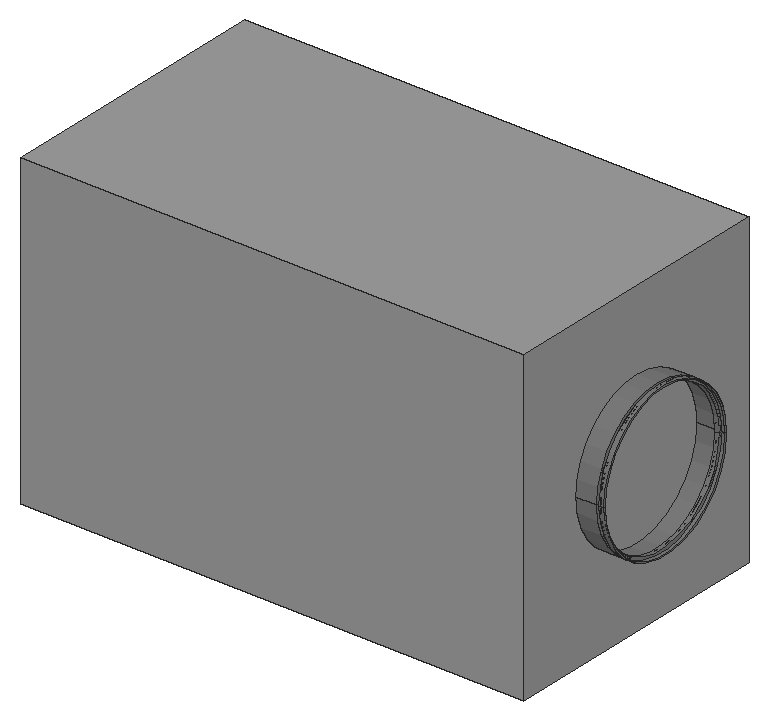
Revit family "BIMLIB_ПриточнаяУстановка_ECO-A_SHUFT", category Оборудование, Revit 2017
Family settings
  Размер круглого соединителя = Использовать диаметр
  Тип детали = Нормальный
  На основе рабочей плоскости = Нет
  Всегда вертикально = Да
  При загрузке вырезать с полостями = Нет
  Общий = Нет
  Точка расчета площади = Нет
Parameters (values of type "ЕСО 315/1-9,0/3-A")
  Повернуть УГО [instance] = yes
  Описание = "Компактные приточные установки ECO-A состоят из фильтрующей, вентиляторной и нагревательных секций.\r\n\r\nКорпус выполнен из оцинкованной стали с звуко- и теплоизоляцией из базальтовой минеральной ваты толщиной 25-мм"  # constant formula
  Общая длина = ADSK_Размер_Длина + 2 * (Длина коннекторов)  # 1160 mm
  Изготовитель = "ООО «Завод ВКО» марка SHUFT"  # constant formula
  Длина коннекторов = 60 mm
  Watermark [instance] = "Модели защищены уникальным кодом"
  SH_Мощность вентилятора = 260 W
  H = ADSK_Размер_Высота / 2  # 320 mm
  URL = "http://www.shuft.ru/"
  D = 315 mm
  BL_Разработано = "support@bimlib.pro"  # constant formula
  BL_Email = "bimmodels@rusklimat.ru"  # constant formula
  BL_BIM library = "https://bimlib.pro/manufacturer/company/23829"
  ADSK_Расход воздуха приточный [instance] = 0.0 L/s
  ADSK_Размер_Ширина = 580 mm
  ADSK_Размер_Длина = 1040 mm
  ADSK_Размер_Высота = 640 mm
  ADSK_Примечание [instance] = ""
  ADSK_Полная мощность = ADSK_Номинальная мощность / ADSK_Коэффициент мощности  # 9000 VA
  ADSK_Позиция = ""
  ADSK_Обозначение = ""
  ADSK_Номинальная мощность = 9000 W
  ADSK_Напряжение = 400 V
  ADSK_Наименование = "Приточная вентиляционная установка ЕСО 315/1-9,0/3-A"
  ADSK_Материал = BIMLIB_Сталь_SHUFT
  ADSK_Масса_Текст = "60"
  ADSK_Масса = 60
  ADSK_Марка = ADSK_Код изделия  # "ЕСО 315/1-9,0/3-A"
  ADSK_Коэффициент мощности = 1
  ADSK_Количество фаз = 3
  ADSK_Код изделия = "ЕСО 315/1-9,0/3-A"
  ADSK_Классификация нагрузок = Прочее
  ADSK_Завод-изготовитель = Изготовитель  # "ООО «Завод ВКО» марка SHUFT"
  ADSK_Единица измерения = "шт."  # constant formula
  ADSK_Версия семейства = "v.1"  # constant formula
  ADSK_Версия Revit = "2017"  # constant formula
  ADSK_URL страницы изделия = "http://www.shuft.ru/catalog/2/205/3033/100692/"
  ADSK_URL документации изделия = "http://www.shuft.ru/upload/downloads/pasport-ECO-A.pdf"
Types (15, lengths in mm): name | Общая длина | SH_Мощность вентилятора | H | D | ADSK_Размер_Ширина | ADSK_Размер_Длина | ADSK_Размер_Высота | ADSK_Полная мощность | ADSK_Номинальная мощность | ADSK_Напряжение | ADSK_Наименование | ADSK_Масса_Текст | ADSK_Масса | ADSK_Марка | ADSK_Количество фаз | ADSK_Код изделия
  (no name) | 1160 | 260 W | 320 | 315 | 580 | 1040 | 640 | 9000 VA | 9000 W | 400 V | "Приточная вентиляционная установка ЕСО 315/1-9,0/3-A" | "60" | 60 | "ЕСО 315/1-9,0/3-A" | 3 | "ЕСО 315/1-9,0/3-A"
  ЕСО 160/1-1,2/1-A | 1080 | 150 W | 245 | 160 | 460 | 960 | 490 | 1200 VA | 1200 W | 230 V | "Приточная вентиляционная установка ЕСО 160/1-1,2/1-A" | "33" | 33 | "ЕСО 160/1-1,2/1-A" | 1 | "ЕСО 160/1-1,2/1-A"
  ЕСО 160/1-2,4/1-A | 1080 | 150 W | 245 | 160 | 460 | 960 | 490 | 2400 VA | 2400 W | 230 V | "Приточная вентиляционная установка ЕСО 160/1-2,4/1-A" | "33" | 33 | "ЕСО 160/1-2,4/1-A" | 1 | "ЕСО 160/1-2,4/1-A"
  ЕСО 160/1-3,0/1-A | 1080 | 150 W | 245 | 160 | 460 | 960 | 490 | 3000 VA | 3000 W | 230 V | "Приточная вентиляционная установка ЕСО 160/1-3,0/1-A" | "33" | 33 | "ЕСО 160/1-3,0/1-A" | 1 | "ЕСО 160/1-3,0/1-A"
  ЕСО 160/1-5,0/2-A | 1080 | 150 W | 245 | 160 | 460 | 960 | 490 | 5000 VA | 5000 W | 400 V | "Приточная вентиляционная установка ЕСО 160/1-5,0/2-A" | "33" | 33 | "ЕСО 160/1-5,0/2-A" | 2 | "ЕСО 160/1-5,0/2-A"
  ЕСО 200/1-3,0/1-A | 1100 | 160 W | 275 | 200 | 490 | 980 | 550 | 3000 VA | 3000 W | 230 V | "Приточная вентиляционная установка ЕСО 200/1-3,0/1-A" | "39" | 39 | "ЕСО 200/1-3,0/1-A" | 1 | "ЕСО 200/1-3,0/1-A"
  ЕСО 200/1-5,0/2-A | 1100 | 160 W | 275 | 200 | 490 | 980 | 550 | 5000 VA | 5000 W | 400 V | "Приточная вентиляционная установка ЕСО 200/1-5,0/2-A" | "39" | 39 | "ЕСО 200/1-5,0/2-A" | 2 | "ЕСО 200/1-5,0/2-A"
  ЕСО 200/1-6,0/3-A | 1100 | 160 W | 275 | 200 | 490 | 980 | 550 | 6000 VA | 6000 W | 400 V | "Приточная вентиляционная установка ЕСО 200/1-6,0/3-A" | "39" | 39 | "ЕСО 200/1-6,0/3-A" | 3 | "ЕСО 200/1-6,0/3-A"
  ЕСО 250/1-3,0/1-A | 1120 | 170 W | 295 | 250 | 540 | 1000 | 590 | 3000 VA | 3000 W | 230 V | "Приточная вентиляционная установка ЕСО 250/1-3,0/1-A" | "53" | 53 | "ЕСО 250/1-3,0/1-A" | 1 | "ЕСО 250/1-3,0/1-A"
  ЕСО 250/1-6,0/2-A | 1120 | 170 W | 295 | 250 | 540 | 1000 | 590 | 6000 VA | 6000 W | 400 V | "Приточная вентиляционная установка ЕСО 250/1-6,0/2-A" | "53" | 53 | "ЕСО 250/1-6,0/2-A" | 2 | "ЕСО 250/1-6,0/2-A"
  ЕСО 250/1-9,0/3-A | 1120 | 170 W | 295 | 250 | 540 | 1000 | 590 | 9000 VA | 9000 W | 400 V | "Приточная вентиляционная установка ЕСО 250/1-9,0/3-A" | "55" | 55 | "ЕСО 250/1-9,0/3-A" | 3 | "ЕСО 250/1-9,0/3-A"
  ЕСО 315/1-3,0/1-A | 1160 | 260 W | 320 | 315 | 580 | 1040 | 640 | 3000 VA | 3000 W | 230 V | "Приточная вентиляционная установка ЕСО 315/1-3,0/1-A" | "58" | 58 | "ЕСО 315/1-3,0/1-A" | 1 | "ЕСО 315/1-3,0/1-A"
  ЕСО 315/1-6,0/2-A | 1160 | 260 W | 320 | 315 | 580 | 1040 | 640 | 6000 VA | 6000 W | 400 V | "Приточная вентиляционная установка ЕСО 315/1-6,0/2-A" | "58" | 58 | "ЕСО 315/1-6,0/2-A" | 2 | "ЕСО 315/1-6,0/2-A"
  ЕСО 315/1-9,0/3-A | 1160 | 260 W | 320 | 315 | 580 | 1040 | 640 | 9000 VA | 9000 W | 400 V | "Приточная вентиляционная установка ЕСО 315/1-9,0/3-A" | "60" | 60 | "ЕСО 315/1-9,0/3-A" | 3 | "ЕСО 315/1-9,0/3-A"
  ЕСО 315/1-12,0/3-A | 1160 | 260 W | 320 | 315 | 580 | 1040 | 640 | 12000 VA | 12000 W | 400 V | "Приточная вентиляционная установка ЕСО 315/1-12,0/3-A" | "60" | 60 | "ЕСО 315/1-12,0/3-A" | 3 | "ЕСО 315/1-12,0/3-A"
Reference planes
  plane 1 "По центру (Вперед/Назад)": y = 0
  plane 2: z = 0
  plane 3 "По центру (Влево/Вправо)": x = 0
  plane 4: x = 585
  plane 5: x = -585
  plane 6 "Перед": y = -290
  plane 7 "Зад": y = 290
  plane 8: z = 640
  plane 9 "Лево корпус": x = -520
  plane 10 "Право корпус": x = 520
  plane 11 "коннекторы": z = 320
  plane 12: z = 615
Forms (mm)
  Extrusion 1, solid, material "BIMLIB_Сталь_SHUFT" <- "ADSK_Материал", detail levels medium+fine
    sketch origin (0, 0, 0) x (1, 0, 0) y (0, 1, 0)
      loop
        line (-520, 290) -> (-520, -290) -> (520, -290) -> (520, 290) -> (-520, 290)
    from 0 to 640 <- "ADSK_Размер_Высота"
Lines and regions (mm)
  model lines, detail levels fine
    curve 1: line (-520, 290, 615) -> (520, 290, 615)
    curve 2: line (-520, -290, 615) -> (520, -290, 615)
    curve 3: line (-520, -290, 615) -> (-520, 290, 615)
    curve 4: line (520, -290, 615) -> (520, 290, 615)
Dimensions and locks
  equal spacing: plane 6 "Перед", plane 1 "По центру (Вперед/Назад)", plane 7 "Зад"
  equal spacing: plane 5, plane 3 "По центру (Влево/Вправо)", plane 4
  "ADSK_Размер_Высота": plane 8 to level
  "ADSK_Размер_Ширина": plane 6 "Перед" to plane 7 "Зад"
  locked: plane 5 to plane 9 "Лево корпус" at 65
  locked: plane 10 "Право корпус" to plane 4 at 65
  "H": plane 11 "коннекторы" to level
  locked: plane 8 to plane 12 at 25
  "ADSK_Размер_Длина": plane 9 "Лево корпус" to plane 10 "Право корпус"
  aligned and locked: level to plane 2
  aligned and locked: Extrusion 1 sketch curve to plane 9 "Лево корпус"
  aligned and locked: Extrusion 1 sketch curve to plane 7 "Зад"
  aligned and locked: plane 10 "Право корпус" to Extrusion 1 sketch curve
  aligned and locked: Extrusion 1 sketch curve to plane 6 "Перед"
  aligned and locked: plane 1 "По центру (Вперед/Назад)" to nested 1
  aligned and locked: plane 3 "По центру (Влево/Вправо)" to nested 1
  aligned and locked: nested 3 to plane 1 "По центру (Вперед/Назад)"
  aligned and locked: plane 1 "По центру (Вперед/Назад)" to nested 2
  aligned and locked: plane 9 "Лево корпус" to nested 3
  aligned and locked: plane 10 "Право корпус" to nested 2
Automatic sketch dimensions
  curve 1 to plane 9 "Лево корпус" = 0 mm
  plane 10 "Право корпус" to curve 1 = 0 mm
  curve 1 to plane 12 = 0 mm
  plane 10 "Право корпус" to curve 2 = 0 mm
  curve 2 to plane 9 "Лево корпус" = 0 mm
  curve 2 to plane 12 = 0 mm
  curve 3 to plane 6 "Перед" = 0 mm
  curve 3 to plane 7 "Зад" = 0 mm
  curve 3 to plane 12 = 0 mm
  curve 4 to plane 6 "Перед" = 0 mm
  curve 4 to plane 7 "Зад" = 0 mm
  curve 4 to plane 12 = 0 mm
Nested families
  nested 1: "BIMLIB_УГО_SHUFT" at (0, 0, 0), Высота УГО 3д План <- "H", Высота <- "ADSK_Размер_Высота", Длина <- "Общая длина", Ширина <- "ADSK_Размер_Ширина", УГО сверху <- "Повернуть УГО", type "BIMLIB_УГО_SHUFT", detail levels coarse
    with Ширина/4 145 mm, Ширина 580 mm, УГО спереди no, УГО сверху yes, Длина 1160 mm, Высота/4 160 mm, Высота УГО 3д План 320 mm, Высота 640 mm
  nested 2: "BIMLIB_Подключение_Круглое_SHUFT" at (520, 0, 320), D <- "D", L <- "Длина коннекторов", type "BIMLIB_Подключение_Круглое_SHUFT"
    with Материал BIMLIB_Сталь_Патрубки_SHUFT, L 60 mm, D 315 mm
  nested 3: "BIMLIB_Подключение_Круглое_SHUFT" at (-520, 0, 320) x (-1, 0, 0) z (0, 0, 1), D <- "D", L <- "Длина коннекторов", type "BIMLIB_Подключение_Круглое_SHUFT"
    with Материал BIMLIB_Сталь_Патрубки_SHUFT, L 60 mm, D 315 mm
Connectors
  electrical at (0, 0, 640), driven by "ADSK_Количество фаз", driven by "ADSK_Классификация нагрузок", driven by "ADSK_Напряжение", driven by "ADSK_Полная мощность", driven by "ADSK_Коэффициент мощности"
    settings: on Extrusion 1, index 3, voltage 400 V, apparent load 9000 VA, apparent load phase1 0 VA, apparent load phase2 0 VA, apparent load phase3 0 VA, power factor 1, load classification "Прочее", number of poles 3, system type 30, power factor state 1, is connector primary yes, connector utility no, sub classification motor no, connector description "Электрический соединитель"
  hvac at (-580, 0, 320), driven by "D", driven by "ADSK_Расход воздуха приточный"
    settings: on nested 3, index 7, duct flow 0.0 L/s, flow factor 0, pres drop 0.0 Pa, loss coef 0, conn angle 0.00°, conn width 304.8 mm, conn height 304.8 mm, conn diameter 315 mm, duct sys type 1, conn prof type 0, flow config 0, flow direction 1, loss method 0, conn ref index 8, conn util no, is conn primary yes, conn desc "Наружный воздух"
  hvac at (580, 0, 320), driven by "D", driven by "ADSK_Расход воздуха приточный"
    settings: on nested 2, index 8, duct flow 0.0 L/s, flow factor 0, pres drop 0.0 Pa, loss coef 0, conn angle 0.00°, conn width 304.8 mm, conn height 304.8 mm, conn diameter 315 mm, duct sys type 1, conn prof type 0, flow config 0, flow direction 2, loss method 0, conn ref index 7, conn util no, is conn primary no, conn desc "Приточный воздух"
Definition of nested family "BIMLIB_Подключение_Круглое_SHUFT"
  Parameters (values of type "BIMLIB_Подключение_Круглое_SHUFT")
    Default Elevation = 1219.2 mm
    Материал [instance] = none
    L [instance] = 30 mm
    D [instance] = 300 mm
  Reference planes
    plane 1 "По центру (Вперед/Назад)": y = 0
    plane 2: z = 0
    plane 3 "По центру (Влево/Вправо)": x = 0
    plane 4: y = 150
    plane 5: y = -150
    plane 6: x = 30
  Forms (mm)
    Revolve 1, solid, material <- "Материал", detail levels medium+fine
      sketch origin (0, 0, 0) x (1, 0, 0) y (0, 1, 0)
        loop
          line (30, 148) -> (30, 150) -> (20, 150) -> (20, 145) -> (15, 145) -> (15, 150) -> (0, 150) -> (0, 148) -> (13, 148) -> (13, 143) -> (22, 143) -> (22, 148) -> (30, 148)
        axis (30, 0) -> (0, 0)
      angle from 0 to 360
  Dimensions and locks
    equal spacing: plane 4, plane 1 "По центру (Вперед/Назад)", plane 5
    "D": plane 4 to plane 5
    "L": plane 3 "По центру (Влево/Вправо)" to plane 6
    aligned and locked: level to plane 2
    aligned and locked: Revolve 1 sketch curve to plane 1 "По центру (Вперед/Назад)"
    aligned and locked: plane 6 to Revolve 1 sketch curve
    aligned and locked: plane 4 to Revolve 1 sketch curve  (x2)
    aligned and locked: Revolve 1 sketch curve to plane 3 "По центру (Влево/Вправо)"
  Automatic sketch dimensions
    Revolve 1 sketch curve to Revolve 1 sketch curve = 2 mm  (x5)
    Revolve 1 sketch curve to Revolve 1 sketch curve = 5 mm
    Revolve 1 sketch curve to Revolve 1 sketch curve = 8 mm
    Revolve 1 sketch curve to Revolve 1 sketch curve = 3 mm
    Revolve 1 sketch curve to plane 3 "По центру (Влево/Вправо)" = 2000 mm
    plane 6 to Revolve 1 sketch curve = 1535.044 mm
Definition of nested family "BIMLIB_УГО_SHUFT"
  Parameters (values of type "BIMLIB_УГО_SHUFT")
    Ширина/4 [instance] = Ширина / 4  # 105 mm
    Ширина [instance] = 420 mm
    УГО спереди [instance] = not(УГО сверху)  # no
    УГО сверху [instance] = yes
    Высота/4 [instance] = Высота / 4  # 63 mm
    Длина [instance] = 810 mm
    Высота УГО 3д План [instance] = 126 mm
    Высота [instance] = 252 mm
  Reference planes
    plane 1 "По центру (Вперед/Назад)": y = 0
    plane 2: z = 0
    plane 3 "По центру (Влево/Вправо)": x = 0
    plane 4: x = -405
    plane 5: x = 405
    plane 6: y = 210
    plane 7: y = -210
    plane 8: z = 126
    plane 9 "УГО 3Д": z = 252
    plane 10: x = -270
    plane 11: x = -135
    plane 12: z = 189
    plane 13: z = 63
    plane 14: x = 63
    plane 15: x = 105
    plane 16: y = 105
    plane 17: y = -105
    plane 18 "УГО": z = 126
  Lines and regions (mm)
    model lines, visible <- "УГО спереди", detail levels coarse
      curve 1: line (-405, 0, 252) -> (-405, 0, 0)
      curve 2: line (-405, 0, 0) -> (405, 0, 0)
      curve 3: line (405, 0, 0) -> (405, 0, 252)
      curve 4: line (405, 0, 252) -> (-405, 0, 252)
      curve 5: line (-270, 0, 252) -> (-270, 0, 0)
      curve 6: line (-135, 0, 252) -> (-135, 0, 0)
      curve 7: line (0, 0, 189) -> (0, 0, 63)
      curve 8: line (0, 0, 63) -> (63, 0, 126)
      curve 9: line (63, 0, 126) -> (0, 0, 189)
    model lines, visible <- "УГО сверху", detail levels coarse
      curve 10: line (-405, 210, 126) -> (-405, -210, 126)
      curve 11: line (-405, -210, 126) -> (405, -210, 126)
      curve 12: line (405, -210, 126) -> (405, 210, 126)
      curve 13: line (405, 210, 126) -> (-405, 210, 126)
      curve 14: line (-270, 210, 126) -> (-270, -210, 126)
      curve 15: line (-135, 210, 126) -> (-135, -210, 126)
      curve 16: line (0, 105, 126) -> (105, 0, 126)
      curve 17: line (105, 0, 126) -> (0, -105, 126)
      curve 18: line (0, -105, 126) -> (0, 105, 126)
    symbolic lines, detail levels coarse
      curve 19: line (-405, 0, 252) -> (-405, 0, 0)
      curve 20: line (-405, 0, 0) -> (405, 0, 0)
      curve 21: line (405, 0, 0) -> (405, 0, 252)
      curve 22: line (405, 0, 252) -> (-405, 0, 252)
      curve 23: line (-270, 0, 252) -> (-270, 0, 0)
      curve 24: line (-135, 0, 0) -> (-135, 0, 252)
      curve 25: line (0, 0, 189) -> (63, 0, 126)
      curve 26: line (63, 0, 126) -> (0, 0, 63)
      curve 27: line (0, 0, 63) -> (0, 0, 189)
      curve 28: line (-405, 210, 0) -> (-405, -210, 0)
      curve 29: line (-405, -210, 0) -> (405, -210, 0)
      curve 30: line (405, -210, 0) -> (405, 210, 0)
      curve 31: line (405, 210, 0) -> (-405, 210, 0)
      curve 32: line (-270, 210, 0) -> (-270, -210, 0)
      curve 33: line (-135, -210, 0) -> (-135, 210, 0)
      curve 34: line (0, 105, 0) -> (105, 0, 0)
      curve 35: line (105, 0, 0) -> (0, -105, 0)
      curve 36: line (0, -105, 0) -> (0, 105, 0)
  Dimensions and locks
    equal spacing: plane 4, plane 3 "По центру (Влево/Вправо)", plane 5
    "Длина": plane 4 to plane 5
    "Ширина": plane 7 to plane 6
    equal spacing: plane 4, plane 10, plane 11, plane 3 "По центру (Влево/Вправо)"
    "Высота": plane 9 "УГО 3Д" to level
    equal spacing: plane 9 "УГО 3Д", plane 12, plane 8, plane 13, level
    "Высота/4": plane 14 to plane 3 "По центру (Влево/Вправо)"
    equal spacing: plane 6, plane 16, plane 1 "По центру (Вперед/Назад)", plane 17, plane 7
    "Ширина/4": plane 15 to plane 3 "По центру (Влево/Вправо)"
    "Ширина/4": plane 3 "По центру (Влево/Вправо)" to plane 15
    "Высота УГО 3д План": plane 18 "УГО" to level
    aligned and locked: level to plane 2
  Automatic sketch dimensions
    curve 12 to plane 5 = 0 mm
    plane 1 "По центру (Вперед/Назад)" to curve 16 = 0 mm
    curve 16 to plane 15 = 0 mm
    curve 18 to plane 3 "По центру (Влево/Вправо)" = 0 mm
    curve 15 to plane 11 = 0 mm
    curve 14 to plane 10 = 0 mm
    curve 11 to plane 4 = 0 mm
    curve 13 to plane 6 = 0 mm
    curve 18 to plane 16 = 0 mm
    plane 7 to curve 12 = 0 mm
    curve 1 to plane 4 = 0 mm
    curve 5 to plane 9 "УГО 3Д" = 0 mm
    curve 5 to plane 10 = 0 mm
    curve 23 to level = 0 mm
    curve 23 to plane 10 = 0 mm
    curve 6 to plane 11 = 0 mm
    curve 24 to plane 11 = 0 mm
    curve 9 to plane 3 "По центру (Влево/Вправо)" = 0 mm
    curve 8 to plane 8 = 0 mm
    curve 8 to plane 14 = 0 mm
    curve 20 to plane 5 = 0 mm
    curve 27 to plane 12 = 0 mm
    curve 28 to plane 4 = 0 mm
    curve 32 to plane 6 = 0 mm
    curve 32 to plane 10 = 0 mm
    plane 7 to curve 33 = 0 mm
    curve 33 to plane 11 = 0 mm
    curve 34 to plane 3 "По центру (Влево/Вправо)" = 0 mm
    plane 1 "По центру (Вперед/Назад)" to curve 34 = 0 mm
    curve 30 to plane 5 = 0 mm
    curve 36 to plane 17 = 0 mm
    curve 36 to plane 16 = 0 mm
